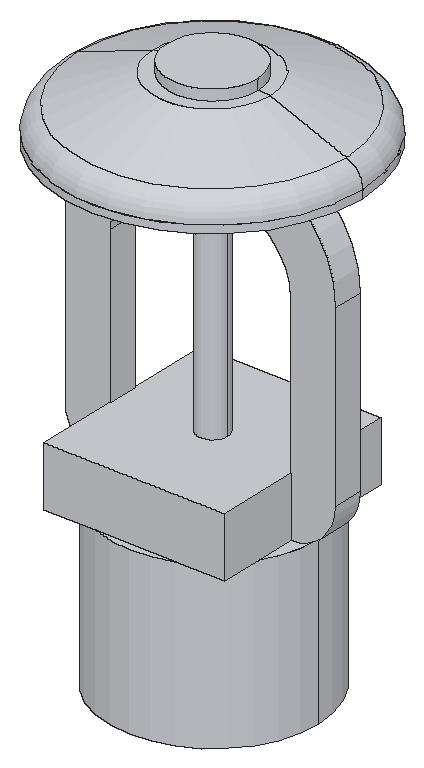
Revit family
Parameters (values of type "RASCO F1FR56 UPRIGHT")
  URL = ""
  Temperature Rating = 286 °F
  Response = 1
  RASCO SIN # = "RA1425"
  RASCO Part # = "F1FR56U3B"
  Pressure Rating = "175 PSI"
  Pressure Class = (empty or 0)
  Orifice Size = 1/2"
  Orifice = (empty or 0)
  Model = "F1FR56"
  Manufacturer = "RASCO"
  K-Factor = 5.6
  Description = "Brz. Finish"
  Coverage = (empty or 0)
Reference planes (in)
  plane 1 "Center (Front/Back)": y = 0
  plane 2: z = 0
  plane 3 "Center (Left/Right)": x = 0
Nested families (in)
  nested 1: "F1FR56U3B" at (0.03459, -0.14878, 0), type "RASCO F1FR56 UPRIGHT"
Connectors (in)
  piping at (0.03459, -0.14878, 0)
    settings: on nested 1, index 1, connector radius 115/256", flow factor 0, pipe flow 0 GPM, pressure drop 0.00 psi, fitting loss kfactor 0, connector angle 0.00°, fixture units 0, flow configuration 0, flow direction 0, fitting loss method 0, system type 7, connector reference index -1, connector utility 0, adjustable connector no, is connector primary yes, fitting loss table "", connector description ""
Definition of nested family "F1FR56U3B"
  Parameters (values of type "RASCO F1FR56 UPRIGHT")
    Type Comments = ""
    Temperature Rating = 0 °F
    Response = (empty or 0)
    Pressure Rating = "0"
    Pressure Class = (empty or 0)
    Orifice Size = 0"
    Orifice = (empty or 0)
    Model = ""
    Manufacturer = ""
    K-Factor = 0
    Description = ""
    Coverage = (empty or 0)
    Assembly Code = ""
  Reference planes (in)
    plane 1 "Center (Front/Back)": y = 0
    plane 2: z = 0
    plane 3 "ref.2": z = 0.6875
    plane 4 "ref.3": z = 0.9375
    plane 5: x = -0.38065
    plane 6: x = 0.36935
    plane 7 "ref. side 1": y = 0.06402
    plane 8 "ref. side 2": y = -0.06098
    plane 9 "ref.4": z = 1.875
    plane 10 "ref.5": z = 2.3125
    plane 11 "ref.6": z = 2.4375
  Forms (in)
    Extrusion 1, solid
      sketch origin (0, 0, 0) x (1, 0, 0) y (0, 1, 0)
        loop
          circle (0, 0) r 0.4375
      from 0 to 0.6875
    Extrusion 2, solid
      sketch origin (-0.12185, 0.05177, 0.6875) x (1, 0, 0) y (0, 1, 0)
        loop
          line (-0.2588, 0.356) -> (-0.2588, -0.4565) -> (0.4912, -0.4565) -> (0.4912, 0.356) -> (-0.2588, 0.356)
      from 0 to 0.25
    Extrusion 3, solid
      sketch origin (0, 0, 0) x (1, 0, 0) y (0, 0, 1)
        loop
          line (-0.38065, 0.68754) -> (-0.38065, 1.58397)
          arc (-0.38065, 1.58397) -> (-0.29541, 1.78976) -> (-0.08962, 1.875) r 0.29103
          line (-0.08962, 1.875) -> (0.07524, 1.875)
          arc (0.07524, 1.875) -> (0.28321, 1.78886) -> (0.36935, 1.58089) r 0.29411
          line (0.36935, 1.58089) -> (0.36935, 0.68751)
          arc (0.36935, 0.68751) -> (0.50207, 0.74393) -> (0.55685, 0.87734) r 0.18984
          line (0.55685, 0.87734) -> (0.55685, 1.61676)
          arc (0.55685, 1.61676) -> (0.42629, 1.93194) -> (0.11111, 2.0625) r 0.44574
          line (0.11111, 2.0625) -> (-0.12259, 2.0625)
          arc (-0.12259, 2.0625) -> (-0.43765, 1.932) -> (-0.56815, 1.61694) r 0.44556
          line (-0.56815, 1.61694) -> (-0.56815, 0.87876)
          arc (-0.56815, 0.87876) -> (-0.51345, 0.74486) -> (-0.38065, 0.68754) r 0.19126
      from -0.06402 to 0.06098
    Extrusion 4, solid
      sketch origin (0, 0, 0.9375) x (-1, 0, 0) y (0, -1, 0)
        loop
          circle (0.00574, -0.00152) r 0.0625
      from 0 to 0.9375
    Extrusion 5, solid
      sketch origin (0, 0, 1.875) x (-1, 0, 0) y (0, -1, 0)
        loop
          circle (0.00574, -0.00152) r 0.1875
      from 0 to 0.4375
    Revolve 6, solid
      sketch origin (0, 0, -0.31276) x (1, 0, 0) y (0, 0, 1)
        loop
          line (-0.19324, 2.33367) -> (-0.19324, 2.58367) -> (-0.24995, 2.58367) -> (-0.56395, 2.46314)
          arc (-0.56395, 2.46314) -> (-0.61243, 2.42492) -> (-0.63074, 2.36595) r 0.1041
          line (-0.63074, 2.36595) -> (-0.63074, 2.33367) -> (-0.19324, 2.33367)
        axis (-0.00574, 2.33367) -> (-0.00574, 2.58367)
      angle from 0 to 360
  Cuts and joins
    joined: Extrusion 1, Extrusion 2, Extrusion 4, Revolve 6
  Lines and regions (in)
    model lines
      curve 1: line (-0.00574, 0.06402, 1.875) -> (-0.00574, -0.06098, 1.875)
